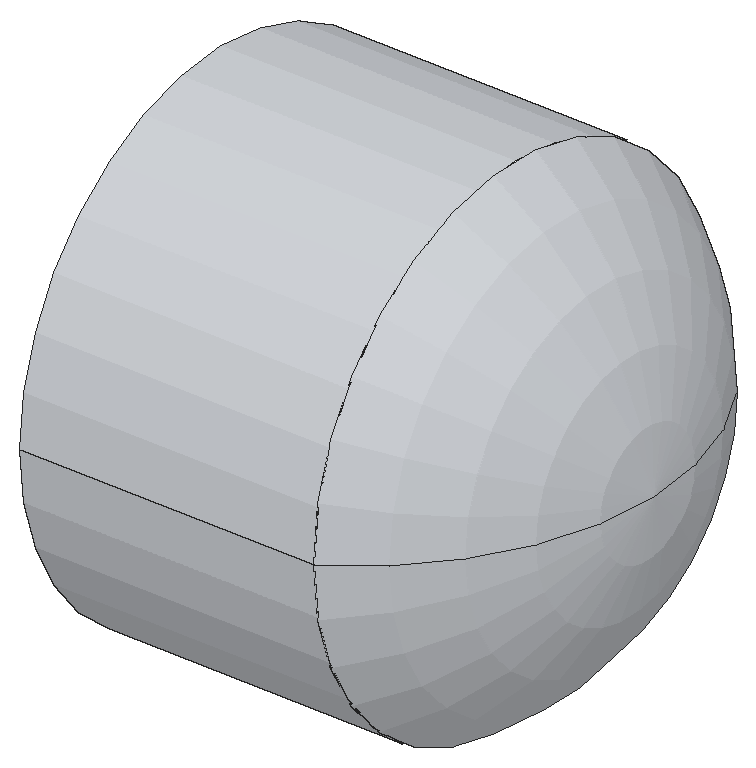
Revit family "d615dd7e6fe5498da15ec094a43cc5e1", category Pipe Fittings, Revit 2021
Family settings
  Round Connector Dimension = Use Radius
  Part Type = Cap
  OmniClass Number = 23.60.30.11.14
  OmniClass Title = Pipework Fittings
  Seek Item ID = Cap - PVC - Sch 40 - DWV-0000-USA-ENU
  Work Plane-Based = No
  Always vertical = Yes
  Cut with Voids When Loaded = No
  Shared = No
Parameters (values of type "Standard")
  Socket Depth [instance] = size_lookup(Lookup Table Name, "SDpt", 0.45 * Nominal Diameter + 133/256", Nominal Diameter)  # 1.313"
  Radius 1 [instance] = (Height - Socket Depth) / 2 + 0.5 * (Socket Outside Radius ^ 2) / (Height - Socket Depth)  # 1.325"
  Nominal Radius [instance] = 3/4"
  Nominal Diameter [instance] = Nominal Radius * 2  # 1 1/2"
  Loss Method = Not Defined
  Lookup Table Name = "Cap - PVC - Sch 40 - DWV"
  Height [instance] = size_lookup(Lookup Table Name, "Hgt", 0.72 * Nominal Diameter + 83/128", Nominal Diameter)  # 1.938"
  Socket Outside Radius [instance] = Socket Outside Diameter / 2  # 1 1/8"
  Socket Outside Diameter [instance] = size_lookup(Lookup Table Name, "SOD", 1.07 * Nominal Diameter + 3/4", Nominal Diameter)  # 2 1/4"
  Default Elevation = 0' - 0"
Reference planes (in)
  plane 1 "Center (Front/Back)": y = 0
  plane 2: z = 0
  plane 3 "Center (Left/Right)": x = 0
  plane 4: x = 1.313
  plane 5: x = 1.938
  plane 6: x = 0.613
  plane 7: y = 1.125
Forms (in)
  Extrusion 1, solid, detail levels fine
    sketch origin (0, 0, 0) x (0, 1, 0) y (0, 0, 1)
      loop
        circle (0, 0) r 1.125
    from 0 to 1.313
  Revolve 2, solid, detail levels fine
    sketch origin (0, 0, 0) x (1, 0, 0) y (0, 1, 0)
      loop
        line (1.313, 0) -> (1.938, 0)
        arc (1.938, 0) -> (1.77126, 0.64348) -> (1.313, 1.125) r 1.325
        line (1.313, 1.125) -> (1.313, 0)
      axis (1.938, 0) -> (1.313, 0)
    angle from 0 to 360
Cuts and joins
  joined: Extrusion 1, Revolve 2
Lines and regions (in)
  model lines, detail levels coarse+medium
    curve 1: line (0, 1.125, 0) -> (1.938, 1.125, 0)
    curve 2: line (1.938, 1.125, 0) -> (1.938, -1.125, 0)
    curve 3: line (1.938, -1.125, 0) -> (0, -1.125, 0)
Dimensions and locks (in)
  "Socket Depth": plane 3 "Center (Left/Right)" to plane 4
  "Height": plane 3 "Center (Left/Right)" to plane 5
  equal spacing: curve 3, plane 1 "Center (Front/Back)", curve 1
  "Socket Outside Radius": plane 1 "Center (Front/Back)" to curve 1
  "Radius 1": plane 6 to plane 5
  "Socket Outside Radius": plane 1 "Center (Front/Back)" to plane 7
  "Socket Outside Radius": radius of Extrusion 1 sketch curve
  aligned and locked: level to Extrusion 1 sketch curve
  aligned and locked: plane 1 "Center (Front/Back)" to Extrusion 1 sketch curve
  aligned and locked: plane 4 to Extrusion 1
  aligned and locked: Extrusion 1 to plane 3 "Center (Left/Right)"
  aligned and locked: curve 2 to plane 5
  aligned and locked: plane 3 "Center (Left/Right)" to curve 1
  aligned and locked: plane 3 "Center (Left/Right)" to curve 3
  aligned and locked: plane 5 to Revolve 2 sketch curve
  aligned and locked: plane 7 to Revolve 2 sketch curve
  aligned and locked: plane 1 "Center (Front/Back)" to Revolve 2 sketch curve  (x2)
  aligned and locked: plane 4 to Revolve 2 sketch curve
  aligned and locked: plane 6 to Revolve 2 sketch curve
  aligned and locked: Revolve 2 sketch curve to plane 1 "Center (Front/Back)"
Automatic sketch dimensions
  Revolve 2 sketch curve to plane 3 "Center (Left/Right)" = 5' - 0"
  Revolve 2 sketch curve to Revolve 2 sketch curve = 4' - 10.062"
Connectors (in)
  piping at (0, 0, 0), diameter 1.5, driven by "Nominal Radius"
    settings: on Extrusion 1, index 1, connector inside diameter 1 1/2", connector length 0' - 0", flow factor 0, pipe flow 0 GPM, pressure drop 0.00 psi, fitting loss kfactor 0, connector angle 0.00°, fixture units 0, engagement length 0' - 0", angle of deflection 0.00°, flow configuration 0, flow direction 0, fitting loss method 0, system type 28, joint type 0, gender type 0, connector reference index -1, connector utility 0, adjustable connector no, is connector primary yes, connector description ""
